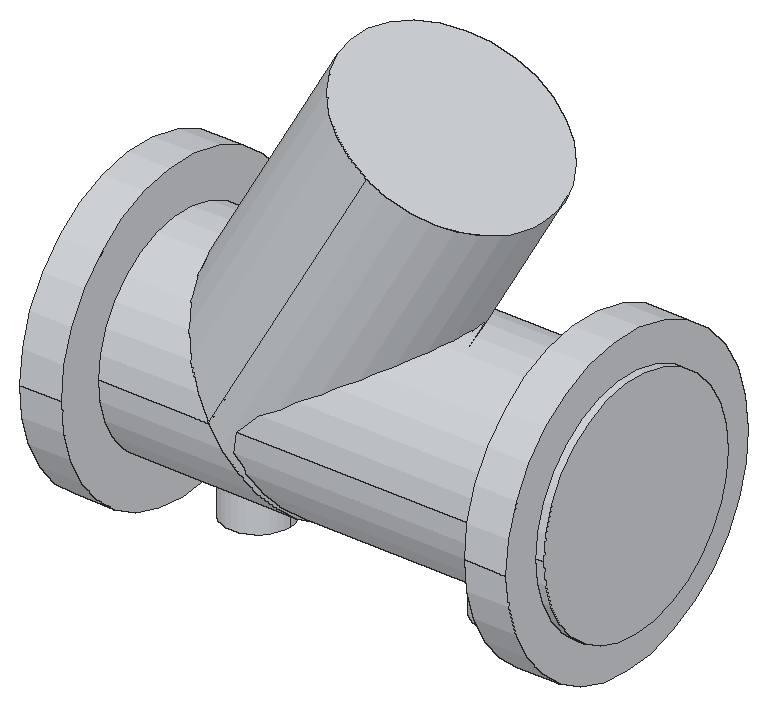
Revit family "HS 821-síto_standard-PN25-DN200-RFA_2019", category Pipe Accessories, Revit 2019
Family settings
  Round Connector Dimension = Use Diameter
  Part Type = Breaks Into
  Work Plane-Based = No
  Always vertical = Yes
  Cut with Voids When Loaded = No
  Shared = No
Parameters (values of type "821D-DN200-PN25-síto_standard")
  magiProductId = "16973f3c9ea14389ba8602495a6b64"
  magiProductFamilyId = "79214ac3aaa945e397802f559f5c1e"
  magiPartTypeId = 307
  isMeasuringValve [instance] = no
  ang2D [instance] = 0.00°
  ZB__ve = -ZB  # -56 mm
  ZB1 = 110.97 mm
  ZB = 56 mm
  X2 = 188.361 mm
  X1 = 84 mm
  W2D = 15 mm
  VersionID = "2.0/2017.9.26.1/ZETKAMA_821_001"
  Use Minimum Symbol Size [instance] = yes
  URL = "www.hydronic.cz"
  Type Comments = "Filtr přírubový; síto standardní; A-PN16 (-10~300°C); D-PN25 (-10~350°C); F-PN40 (-10~400°C)"
  S = 274 mm
  QmdConnectorList = "301;D;302;D"
  Productdata [instance] = ""
  Manufacturer = "Hydronic Systems Prague s.r.o."
  MC Product Code = "200 293 (821D; DN200; PN25; kvs707; oko síta 1,60mm)"
  LM1 = 48 mm
  LM = 480 mm
  L4 = 150 mm
  L2D_Min = 3048 mm
  L2D = 130 mm
  L2 = 300 mm
  HH2 = 326.25 mm
  FD = 360 mm
  Description = "Filtr přírubový; síto standardní; 821A-PN16; 821D-PN25; 821F-PN40"
  DM1 = 252 mm
  DM = 246.6 mm
  D = 200 mm
  CC = 10.2 mm
  CAT0 = yes
  C1 = 49.8 mm
  C = 60 mm
  BD = 77.679 mm
Types (40, lengths in mm): name | magiProductId | ZB__ve | ZB1 | ZB | X2 | X1 | S | MC Product Code | LM1 | LM | L4 | L2 | HH2 | FD | DM1 | DM | D | CC | C1 | C | BD
  821A-DN015-PN16-síto_standard | "a71bcfe8b393460598b23e8ddf7dc5" | -16.25 | 18.63 | 16.25 | 46.982 | 18.2 | 46 | "200 115 (821A; DN015; PN16; kvs6,3; oko síta 1,00mm)" | 10.4 | 104 | 32.5 | 65 | 81.375 | 95 | 27.6 | 41.4 | 15 | 2.21 | 10.79 | 13 | 13.041
  821A-DN020-PN16-síto_standard | "41cd6c7a12924f4991217528336076" | -17.75 | 22.68 | 17.75 | 51.673 | 21 | 56 | "200 120 (821A; DN020; PN16; kvs11,2; oko síta 1,00mm)" | 12 | 120 | 37.5 | 75 | 89.5 | 105 | 33.6 | 50.4 | 20 | 2.55 | 12.45 | 15 | 15.876
  821A-DN025-PN16-síto_standard | "be378b463ed14c3abf4c9b3ae8cf3a" | -19.25 | 26.325 | 19.25 | 58.601 | 22.4 | 65 | "200 125 (821A; DN025; PN16; kvs14,7; oko síta 1,00mm)" | 12.8 | 128 | 40 | 80 | 101.5 | 115 | 43.2 | 58.5 | 25 | 2.72 | 13.28 | 16 | 18.427
  821A-DN032-PN16-síto_standard | "227a0d18b21540afabe8b6067d35fa" | -23 | 30.78 | 23 | 68.849 | 25.2 | 76 | "200 132 (821A; DN032; PN16; kvs23,7; oko síta 1,00mm)" | 14.4 | 144 | 45 | 90 | 119.25 | 140 | 50.4 | 68.4 | 32 | 3.06 | 14.94 | 18 | 21.546
  821A-DN040-PN16-síto_standard | "d106917c74724141a10440112d0102" | -24.5 | 34.02 | 24.5 | 75.777 | 28 | 84 | "200 140 (821A; DN040; PN16; kvs37,7; oko síta 1,00mm)" | 16 | 160 | 50 | 100 | 131.25 | 150 | 60 | 75.6 | 40 | 3.4 | 16.6 | 20 | 23.814
  821A-DN050-PN16-síto_standard | "8255d456a09e4f6486734f5dd9171b" | -26.75 | 40.095 | 26.75 | 79.061 | 32.2 | 99 | "200 150 (821A; DN050 PN16; kvs57,9; oko síta 1,00mm)" | 18.4 | 184 | 57.5 | 115 | 136.938 | 165 | 73.8 | 89.1 | 50 | 3.91 | 19.09 | 23 | 28.066
  821A-DN065-PN16-síto_standard | "235b1b3e4c0843779a4d5e3716d40a" | -29.75 | 47.79 | 29.75 | 86.927 | 40.6 | 118 | "200 165 (821A; DN065; PN16; kvs101,5; oko síta 1,25mm)" | 23.2 | 232 | 72.5 | 145 | 150.562 | 185 | 94.2 | 106.2 | 65 | 4.93 | 24.07 | 29 | 33.453
  821A-DN080-PN16-síto_standard | "a067f7c5236348ed8c820d16df7214" | -32 | 53.46 | 32 | 104.753 | 43.4 | 132 | "200 180 (821A; DN080; PN16; kvs147,4; oko síta 1,25mm)" | 24.8 | 248 | 77.5 | 155 | 181.438 | 200 | 107.4 | 118.8 | 80 | 5.27 | 25.73 | 31 | 37.422
  821A-DN100-PN16-síto_standard | "c49a648c2747461285837d643703cd" | -35 | 63.18 | 35 | 114.857 | 49 | 156 | "200 190 (821A; DN100; PN16; kvs209,6; oko síta 1,60mm)" | 28 | 280 | 87.5 | 175 | 198.937 | 220 | 131.4 | 140.4 | 100 | 5.95 | 29.05 | 35 | 44.226
  821A-DN125-PN16-síto_standard | "bf68e728a163493cbd2a663b26ebdc" | -39.5 | 74.52 | 39.5 | 131.888 | 56 | 184 | "200 191 (821A; DN125; PN16; kvs326,2; oko síta 1,60mm)" | 32 | 320 | 100 | 200 | 228.438 | 250 | 165 | 165.6 | 125 | 6.8 | 33.2 | 40 | 52.164
  821A-DN150-PN16-síto_standard | "2de770284b654863ae6bc865769dc5" | -44.75 | 85.455 | 44.75 | 155.885 | 67.2 | 211 | "200 192 (821A; DN150; PN16; kvs403; oko síta 1,60mm)" | 38.4 | 384 | 120 | 240 | 270 | 285 | 192 | 189.9 | 150 | 8.16 | 39.84 | 48 | 59.818
  821A-DN200-PN16-síto_standard | "8e5693371ab64aabb29a7f08c76e15" | -53 | 107.73 | 53 | 188.361 | 84 | 266 | "200 193 (821A; DN200; PN16; kvs707; oko síta 1,60mm)" | 48 | 480 | 150 | 300 | 326.25 | 340 | 252 | 239.4 | 200 | 10.2 | 49.8 | 60 | 75.411
  821A-DN250-PN16-síto_standard | "05e37ed948c34047acdd4c42556504" | -62.75 | 129.195 | 62.75 | 255.911 | 102.2 | 319 | "200 194 (821A; DN250; PN16; kvs1234; oko síta 1,60mm)" | 58.4 | 584 | 182.5 | 365 | 443.25 | 405 | 309.6 | 287.1 | 250 | 12.41 | 60.59 | 73 | 90.436
  821A-DN300-PN16-síto_standard | "9ad0af747269428da925480d83ce80" | -71 | 149.85 | 71 | 325.914 | 119 | 370 | "200 195 (821A; DN300; PN16; kvs1916; oko síta 1,60mm)" | 68 | 680 | 212.5 | 425 | 564.5 | 460 | 369.6 | 333 | 300 | 14.45 | 70.55 | 85 | 104.895
  821A-DN350-PN16-síto_standard | "eebc71459bb3451bb4355e7951370a" | -80 | 173.745 | 80 | 356.875 | 137.2 | 429 | "200 196 (821A; DN350; PN16; kvs2621; oko síta 1,60mm)" | 78.4 | 784 | 245 | 490 | 618.125 | 520 | 438 | 386.1 | 350 | 16.66 | 81.34 | 98 | 121.621
  821A-DN400-PN16-síto_standard | "d2f677cb196647e385b2590e7d8abe" | -89 | 194.4 | 89 | 392.237 | 154 | 480 | "200 197 (821A; DN400; PN16; kvs3460; oko síta 1,60mm)" | 88 | 880 | 275 | 550 | 679.375 | 580 | 498 | 432 | 400 | 18.7 | 91.3 | 110 | 136.08
  821D-DN015-PN25-síto_standard | "27ddcbf555414f8ca1fde329bf9087" | -16.25 | 18.63 | 16.25 | 46.982 | 18.2 | 46 | "200 215 (821D; DN015; PN25; kvs6,3; oko síta 1,00mm)" | 10.4 | 104 | 32.5 | 65 | 81.375 | 95 | 27.6 | 41.4 | 15 | 2.21 | 10.79 | 13 | 13.041
  821D-DN020-PN25-síto_standard | "270e0f14012f47189cd0235c18faee" | -17.75 | 22.68 | 17.75 | 51.673 | 21 | 56 | "200 220 (821D; DN020; PN25; kvs11,2; oko síta 1,00mm)" | 12 | 120 | 37.5 | 75 | 89.5 | 105 | 33.6 | 50.4 | 20 | 2.55 | 12.45 | 15 | 15.876
  821D-DN025-PN25-síto_standard | "b9a7fb4aa36643878c637d8e1ab992" | -19.25 | 26.325 | 19.25 | 58.601 | 22.4 | 65 | "200 225 (821D; DN025; PN25; kvs14,7; oko síta 1,00mm)" | 12.8 | 128 | 40 | 80 | 101.5 | 115 | 43.2 | 58.5 | 25 | 2.72 | 13.28 | 16 | 18.427
  821D-DN032-PN25-síto_standard | "6be9a55c4e68400f94eec7e804204c" | -23 | 30.78 | 23 | 68.849 | 25.2 | 76 | "200 232 (821D; DN032; PN25; kvs23,7; oko síta 1,00mm)" | 14.4 | 144 | 45 | 90 | 119.25 | 140 | 50.4 | 68.4 | 32 | 3.06 | 14.94 | 18 | 21.546
  821D-DN040-PN25-síto_standard | "c54511bd7f584ec2984291479612cb" | -24.5 | 34.02 | 24.5 | 75.777 | 28 | 84 | "200 240 (821D; DN040; PN25; kvs37,7; oko síta 1,00mm)" | 16 | 160 | 50 | 100 | 131.25 | 150 | 60 | 75.6 | 40 | 3.4 | 16.6 | 20 | 23.814
  821D-DN050-PN25-síto_standard | "5483b1f596b04cd39b23a14a22c90e" | -26.75 | 40.095 | 26.75 | 79.061 | 32.2 | 99 | "200 250 (821D; DN050; PN25; kvs57,9; oko síta 1,00mm)" | 18.4 | 184 | 57.5 | 115 | 136.938 | 165 | 73.8 | 89.1 | 50 | 3.91 | 19.09 | 23 | 28.066
  821D-DN065-PN25-síto_standard | "767b0f8318e94750bc7a9930ed5b30" | -29.75 | 47.79 | 29.75 | 86.927 | 40.6 | 118 | "200 265 (821D; DN065; PN25; kvs101,5; oko síta 1,25mm)" | 23.2 | 232 | 72.5 | 145 | 150.562 | 185 | 94.2 | 106.2 | 65 | 4.93 | 24.07 | 29 | 33.453
  821D-DN080-PN25-síto_standard | "e21040fa3cc2404b858198f6b73709" | -32 | 53.46 | 32 | 104.753 | 43.4 | 132 | "200 280 (821D; DN080; PN25; kvs147,4; oko síta 1,25mm)" | 24.8 | 248 | 77.5 | 155 | 181.438 | 200 | 107.4 | 118.8 | 80 | 5.27 | 25.73 | 31 | 37.422
  821D-DN100-PN25-síto_standard | "175ca87a506b40b3bc6b82f12f33cf" | -37.25 | 63.18 | 37.25 | 114.857 | 49 | 156 | "200 290 (821D; DN100; PN25; kvs209,6; oko síta 1,60mm)" | 28 | 280 | 87.5 | 175 | 198.937 | 235 | 131.4 | 140.4 | 100 | 5.95 | 29.05 | 35 | 44.226
  821D-DN125-PN25-síto_standard | "77cc98d60da24855999a22dff726b2" | -42.5 | 74.52 | 42.5 | 131.888 | 56 | 184 | "200 291 (821D; DN125; PN25; kvs326,2; oko síta 1,60mm)" | 32 | 320 | 100 | 200 | 228.438 | 270 | 165 | 165.6 | 125 | 6.8 | 33.2 | 40 | 52.164
  821D-DN150-PN25-síto_standard | "9cf8acfcd15547d68e83172d3abcbe" | -47 | 85.455 | 47 | 155.885 | 67.2 | 211 | "200 292 (821D; DN150; PN25; kvs403; oko síta 1,60mm)" | 38.4 | 384 | 120 | 240 | 270 | 300 | 192 | 189.9 | 150 | 8.16 | 39.84 | 48 | 59.818
  821D-DN200-PN25-síto_standard | "16973f3c9ea14389ba8602495a6b64" | -56 | 110.97 | 56 | 188.361 | 84 | 274 | "200 293 (821D; DN200; PN25; kvs707; oko síta 1,60mm)" | 48 | 480 | 150 | 300 | 326.25 | 360 | 252 | 246.6 | 200 | 10.2 | 49.8 | 60 | 77.679
  821F-DN015-PN40-síto_standard | "4c7eaf3c4c0340888b3e684d8a8616" | -16.25 | 18.225 | 16.25 | 46.982 | 18.2 | 45 | "240 615 (821F; DN015; PN40; kvs6,3; oko síta 1,00mm)" | 10.4 | 104 | 32.5 | 65 | 81.375 | 95 | 27.6 | 40.5 | 15 | 2.21 | 10.79 | 13 | 12.757
  821F-DN020-PN40-síto_standard | "aaac5f1ec96b44d6ba96ac2293d66d" | -17.75 | 23.49 | 17.75 | 51.673 | 21 | 58 | "240 620 (821F; DN020; PN40; kvs11,2; oko síta 1,00mm)" | 12 | 120 | 37.5 | 75 | 89.5 | 105 | 33.6 | 52.2 | 20 | 2.55 | 12.45 | 15 | 16.443
  821F-DN025-PN40-síto_standard | "504768023968471481789485b54c7e" | -19.25 | 27.54 | 19.25 | 58.601 | 22.4 | 68 | "240 625 (821F; DN025; PN40; kvs14,7; oko síta 1,00mm)" | 12.8 | 128 | 40 | 80 | 101.5 | 115 | 43.2 | 61.2 | 25 | 2.72 | 13.28 | 16 | 19.278
  821F-DN032-PN40-síto_standard | "165e7f39cf744f329bdf1c400dad12" | -23 | 31.59 | 23 | 68.849 | 25.2 | 78 | "240 632 (821F; DN032; PN40; kvs23,7; oko síta 1,00mm)" | 14.4 | 144 | 45 | 90 | 119.25 | 140 | 50.4 | 70.2 | 32 | 3.06 | 14.94 | 18 | 22.113
  821F-DN040-PN40-síto_standard | "b8903f952089408fbf3a5a632bab1f" | -24.5 | 35.64 | 24.5 | 75.777 | 28 | 88 | "240 640 (821F; DN040; PN40; kvs37,7; oko síta 1,00mm)" | 16 | 160 | 50 | 100 | 131.25 | 150 | 60 | 79.2 | 40 | 3.4 | 16.6 | 20 | 24.948
  821F-DN050-PN40-síto_standard | "c451f97266fe48da8f879cb6a2bd44" | -26.75 | 41.31 | 26.75 | 79.061 | 32.2 | 102 | "240 650 (821F; DN050; PN40; kvs57,9; oko síta 1,00mm)" | 18.4 | 184 | 57.5 | 115 | 136.938 | 165 | 73.8 | 91.8 | 50 | 3.91 | 19.09 | 23 | 28.917
  821F-DN065-PN40-síto_standard | "dc9821e3f9b34e128f6a8c6b34c198" | -29.75 | 49.41 | 29.75 | 86.927 | 40.6 | 122 | "240 665 (821F; DN065; PN40; kvs101,5; oko síta 1,25mm)" | 23.2 | 232 | 72.5 | 145 | 150.562 | 185 | 94.2 | 109.8 | 65 | 4.93 | 24.07 | 29 | 34.587
  821F-DN080-PN40-síto_standard | "689aa1e260f84cf4994f027a1d86b5" | -32 | 55.89 | 32 | 104.753 | 43.4 | 138 | "240 680 (821F; DN080; PN40; kvs147,4; oko síta 1,25mm)" | 24.8 | 248 | 77.5 | 155 | 181.438 | 200 | 107.4 | 124.2 | 80 | 5.27 | 25.73 | 31 | 39.123
  821F-DN100-PN40-síto_standard | "8a45d4e8e2ab425f8c432f21d684f3" | -37.25 | 65.61 | 37.25 | 114.857 | 49 | 162 | "240 690 (821F; DN100; PN40; kvs209,6; oko síta 1,6mm)" | 28 | 280 | 87.5 | 175 | 198.937 | 235 | 131.4 | 145.8 | 100 | 5.95 | 29.05 | 35 | 45.927
  821F-DN125-PN40-síto_standard | "cf073904c006406b8645afa67ea2fc" | -42.5 | 76.14 | 42.5 | 131.888 | 56 | 188 | "240 691 (821F; DN125; PN40; kvs326,2; oko síta 1,6mm)" | 32 | 320 | 100 | 200 | 228.438 | 270 | 165 | 169.2 | 125 | 6.8 | 33.2 | 40 | 53.298
  821F-DN150-PN40-síto_standard | "0153b9ddabe14992a630484929fdbc" | -47 | 88.29 | 47 | 155.885 | 67.2 | 218 | "240 692 (821F; DN150; PN40; kvs403; oko síta 1,6mm)" | 38.4 | 384 | 120 | 240 | 270 | 300 | 192 | 196.2 | 150 | 8.16 | 39.84 | 48 | 61.803
  821F-DN200-PN40-síto_standard | "7fb3fc01dd8d42428c203e3f8dd4d5" | -56 | 115.425 | 56 | 188.361 | 84 | 285 | "240 693 (821F; DN200; PN40; kvs707; oko síta 1,6mm)" | 48 | 480 | 150 | 300 | 326.25 | 360 | 252 | 256.5 | 200 | 10.2 | 49.8 | 60 | 80.797
Reference planes
  plane 1 "Center (Front/Back)": y = 0
  plane 2 "XYPLANE": z = 0
  plane 3 "Center (Left/Right)": x = 0
  plane 4 "109": x = -192
  plane 5 "108": x = 240
  plane 6 "107": x = -240
  plane 7 "105": x = 300
  plane 8 "104": x = -300
  plane 9 "103": y = 0
  plane 10 "102": z = 0
  plane 11 "101": x = -289.8
  plane 12 "100": x = 289.8
  plane 13 "11": x = -108
  plane 14 "10": z = 326.25
  plane 15 "9": x = 80.361
  plane 16 "5": z = -110.97
  plane 17 "4": x = -150
  plane 18 "1": x = 150
Forms (mm)
  Extrusion 1, solid, visible <- "CAT0"
    sketch origin (-240, -750, 0) x (0, 1, 0) y (0, 0, 1)
      loop
        circle (750, 0) r 123.3
    from 0 to 480 <- "LM"
  Extrusion 2, solid
    sketch origin (-300, -750, 0) x (0, 1, 0) y (0, 0, 1)
      loop
        circle (750, 0) r 137
    from 0 to 10.2 <- "CC"
  Extrusion 3, solid
    sketch origin (-289.8, -750, 0) x (0, 1, 0) y (0, 0, 1)
      loop
        circle (750, 0) r 180
    from 0 to 49.8 <- "C1"
  Extrusion 4, solid
    sketch origin (240, -750, 0) x (0, 1, 0) y (0, 0, 1)
      loop
        circle (750, 0) r 180
    from 0 to 49.8 <- "C1"
  Extrusion 5, solid
    sketch origin (289.8, -750, 0) x (0, 1, 0) y (0, 0, 1)
      loop
        circle (750, 0) r 137
    from 0 to 10.2 <- "CC"
  Sweep 6, solid, visible <- "CAT0"
    path origin (750, 0, 0) x (-1, 0, 0) y (0, 0, 1)
      loop
        line (990, 0) -> (858, 0) -> (669.639, 326.25)
    profile origin (-240, 0, 0) x (0, 0, -1) y (0, 1, 0)
      loop
        circle (0, 0) r 126
  Extrusion 7, solid, visible <- "CAT0"
    sketch origin (-750, 0, -110.97) x (1, 0, 0) y (0, 1, 0)
      loop
        circle (600, 0) r 38.839
    from 0 to -56 <- "ZB__ve"
  Extrusion 8, solid, visible <- "CAT0"
    sketch origin (-750, 0, -110.97) x (1, 0, 0) y (0, 1, 0)
      loop
        circle (900, 0) r 38.839
    from 0 to -56 <- "ZB__ve"
  Extrusion 9, solid, not visible
    sketch origin (300, -750, 0) x (0, 1, 0) y (0, 0, 1)
      loop
        circle (750, 0) r 10
    from 0 to -10
  Extrusion 10, solid, not visible
    sketch origin (-300, -750, 0) x (0, 1, 0) y (0, 0, 1)
      loop
        circle (750, 0) r 10
    from 0 to 10
Lines and regions (mm)
  reference lines, not visible
    curve 1: circle (2, 2, 0) r 1 normal (0, 0, 1)
Dimensions and locks
  plane 1 "Center (Front/Back)" to curve 1 = 2 mm
  "LM1": plane 6 "107" to plane 4 "109"
  "LM": plane 6 "107" to plane 5 "108"
  "C": plane 8 "104" to plane 6 "107"
  "L2": plane 3 "Center (Left/Right)" to plane 7 "105"
  "L2": plane 3 "Center (Left/Right)" to plane 8 "104"
  locked: plane 1 "Center (Front/Back)" to plane 9 "103"
  locked: plane 2 "XYPLANE" to plane 10 "102"
  "CC": plane 8 "104" to plane 11 "101"
  "C1": plane 5 "108" to plane 12 "100"
  "X1": plane 4 "109" to plane 13 "11"
  "HH2": plane 2 "XYPLANE" to plane 14 "10"
  "X2": plane 13 "11" to plane 15 "9"
  "ZB1": plane 2 "XYPLANE" to plane 16 "5"
  "L4": plane 8 "104" to plane 17 "4"
  "L2": plane 17 "4" to plane 18 "1"
  Sweep 6 sketch curve to Sweep 6 sketch curve = 0 mm  (x2)
  "DM": diameter of Extrusion 1 sketch curve
  "S": diameter of Extrusion 2 sketch curve
  "FD": diameter of Extrusion 3 sketch curve
  "FD": diameter of Extrusion 4 sketch curve
  "S": diameter of Extrusion 5 sketch curve
  "DM1": diameter of Sweep 6 sketch curve
  "BD": diameter of Extrusion 7 sketch curve
  "BD": diameter of Extrusion 8 sketch curve
  aligned and locked: level to plane 2 "XYPLANE"
  aligned and locked: Extrusion 1 sketch curve to plane 9 "103"
  aligned and locked: plane 10 "102" to Extrusion 1 sketch curve
  aligned and locked: Extrusion 2 sketch curve to plane 9 "103"
  aligned and locked: plane 10 "102" to Extrusion 2 sketch curve
  aligned and locked: Extrusion 3 sketch curve to plane 9 "103"
  aligned and locked: plane 10 "102" to Extrusion 3 sketch curve
  aligned and locked: Extrusion 4 sketch curve to plane 9 "103"
  aligned and locked: plane 10 "102" to Extrusion 4 sketch curve
  aligned and locked: Extrusion 5 sketch curve to plane 9 "103"
  aligned and locked: plane 10 "102" to Extrusion 5 sketch curve
  aligned and locked: Sweep 6 sketch curve to plane 9 "103"
  aligned and locked: plane 10 "102" to Sweep 6 sketch curve  (x3)
  aligned and locked: plane 6 "107" to Sweep 6 sketch curve
  aligned and locked: plane 13 "11" to Sweep 6 sketch curve
  aligned and locked: plane 14 "10" to Sweep 6 sketch curve
  aligned and locked: plane 15 "9" to Sweep 6 sketch curve
  aligned and locked: plane 9 "103" to Extrusion 7 sketch curve
  aligned and locked: plane 17 "4" to Extrusion 7 sketch curve
  aligned and locked: plane 9 "103" to Extrusion 8 sketch curve
  aligned and locked: plane 18 "1" to Extrusion 8 sketch curve
  aligned and locked: Extrusion 9 sketch curve to plane 9 "103"
  aligned and locked: plane 10 "102" to Extrusion 9 sketch curve
  aligned and locked: Extrusion 10 sketch curve to plane 9 "103"
  aligned and locked: plane 10 "102" to Extrusion 10 sketch curve
Automatic sketch dimensions
  plane 1 "Center (Front/Back)" to Extrusion 9 sketch curve = 10 mm
  plane 1 "Center (Front/Back)" to Extrusion 10 sketch curve = 10 mm
  plane 3 "Center (Left/Right)" to curve 1 = 2 mm
  radius of curve 1 = 1 mm
Connectors
  piping at (-300, 0, 0), diameter 200, driven by "D"
    settings: on Extrusion 10, index 1, connector inside diameter 609.6 mm, connector length 0 mm, flow factor 0, pipe flow 0.0 L/s, pressure drop 0.0 Pa, fitting loss kfactor 0, connector angle 0.00°, fixture units 0, engagement length 0 mm, angle of deflection 0.00°, flow configuration 0, flow direction 0, fitting loss method 0, system type 29, joint type 0, gender type 0, connector reference index 2, connector utility 0, adjustable connector no, is connector primary yes, connector description ""
  piping at (300, 0, 0), diameter 200, driven by "D"
    settings: on Extrusion 9, index 2, connector inside diameter 609.6 mm, connector length 0 mm, flow factor 0, pipe flow 0.0 L/s, pressure drop 0.0 Pa, fitting loss kfactor 0, connector angle 0.00°, fixture units 0, engagement length 0 mm, angle of deflection 0.00°, flow configuration 0, flow direction 0, fitting loss method 0, system type 29, joint type 0, gender type 0, connector reference index 1, connector utility 0, adjustable connector no, is connector primary no, connector description ""
